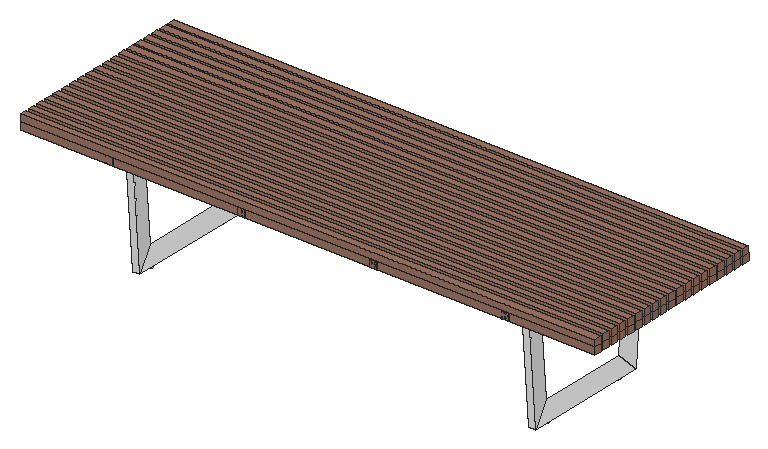
Revit family
Parameters (values of type "72"")
  Width = 6' - 0"
  URL = "http://elanbydecca.com/"
  Seat [instance] = Furniture - DECCA (Elan) - Museum - Bench Seat
  Base [instance] = Furniture - DECCA (Elan) - Museum - Base
  Product URL = "http://elanbydecca.com/PDFs/elan_tearsheet-museum.pdf"
  Model = "DG BE7224"
  Manufacturer = "Decca Contract"
  Height = 1' - 4"  # constant formula
  Description = "Museum, Bench"
  Depth = 2' - 0"  # constant formula
  Assembly Description = "Furniture & Accessories"
  Assembly Code = "E2020200"
Types (4): name | Width | Model
  (no name) | 6' - 0" | "DG BE7224"
  84" | 7' - 0" | "DG BE8424"
  72" | 6' - 0" | "DG BE7224"
  96" | 8' - 0" | "DG BE9624"
Reference planes (in)
  plane 1 "Center Front/Back": y = -0.7524
  plane 2: z = 0
  plane 3 "Center Left/Right": x = 0
  plane 4 "L": x = -36
  plane 5 "R": x = 36
  plane 6 "F": y = -12.7524
  plane 7: y = 11.2476
  plane 8: through (-6.25338, 2.33237, 23.38953) normal (0.4297, -0.4297, 0.7941)
  plane 9: z = 16
  plane 10: z = 15.125
  plane 11: z = 14.25
  plane 12: z = 0.25
  plane 13: y = 10.39045
  plane 14: y = 9.96183
  plane 15: y = 9.10474
  plane 16: y = 8.67612
  plane 17: y = 7.81903
  plane 18: y = 7.39041
  plane 19: y = 6.53332
  plane 20: y = 6.1047
  plane 21: y = 5.24761
  plane 22: y = 4.81899
  plane 23: y = 3.9619
  plane 24: y = 3.53328
  plane 25: y = 2.67619
  plane 26: y = 2.24757
  plane 27: y = 1.39048
  plane 28: y = 0.96186
  plane 29: y = 0.10477
  plane 30: y = -0.32385
  plane 31: y = -1.18094
  plane 32: y = -1.60957
  plane 33: y = -2.46666
  plane 34: y = -2.89528
  plane 35: y = -3.75237
  plane 36: y = -4.18099
  plane 37: y = -5.03808
  plane 38: y = -5.4667
  plane 39: y = -6.32379
  plane 40: y = -6.75241
  plane 41: y = -7.6095
  plane 42: y = -8.03812
  plane 43: y = -8.89521
  plane 44: y = -9.32383
  plane 45: y = -10.18092
  plane 46: y = -10.60954
  plane 47: y = -11.46663
  plane 48: y = -11.89525
  plane 49: x = -25.25
  plane 50: x = 25.25
  plane 51 "LL": x = -24.8125
  plane 52: x = -24.375
  plane 53 "RL": x = 24.8125
  plane 54: x = 24.375
  plane 55: x = -8.70833
  plane 56: x = -8.27083
  plane 57: x = -7.83333
  plane 58: x = 8.70833
  plane 59: x = 8.27083
  plane 60: x = 7.83333
  plane 61: z = 2.5
  plane 62: z = 14
Forms (in)
  Extrusion 1, solid, material "Furniture - DECCA (Elan) - Museum - Bench Seat" <- "Seat"
    sketch origin (0, 0, 8.32075) x (0, -1, 0) y (1, 0, 0)
      loop
        line (-11.2476, -36) -> (-10.39045, -36) -> (-10.39045, 36) -> (-11.2476, 36) -> (-11.2476, -36)
      loop
        line (12.7524, -36) -> (12.7524, 36) -> (11.89525, 36) -> (11.89525, -36) -> (12.7524, -36)
      loop
        line (-9.96183, -36) -> (-9.10474, -36) -> (-9.10474, 36) -> (-9.96183, 36) -> (-9.96183, -36)
      loop
        line (-8.67612, -36) -> (-7.81903, -36) -> (-7.81903, 36) -> (-8.67612, 36) -> (-8.67612, -36)
      loop
        line (-7.39041, -36) -> (-6.53332, -36) -> (-6.53332, 36) -> (-7.39041, 36) -> (-7.39041, -36)
      loop
        line (-6.1047, -36) -> (-5.24761, -36) -> (-5.24761, 36) -> (-6.1047, 36) -> (-6.1047, -36)
      loop
        line (-4.81899, -36) -> (-3.9619, -36) -> (-3.9619, 36) -> (-4.81899, 36) -> (-4.81899, -36)
      loop
        line (-3.53328, -36) -> (-2.67619, -36) -> (-2.67619, 36) -> (-3.53328, 36) -> (-3.53328, -36)
      loop
        line (-2.24757, -36) -> (-1.39048, -36) -> (-1.39048, 36) -> (-2.24757, 36) -> (-2.24757, -36)
      loop
        line (-0.96186, -36) -> (-0.10477, -36) -> (-0.10477, 36) -> (-0.96186, 36) -> (-0.96186, -36)
      loop
        line (0.32385, -36) -> (1.18094, -36) -> (1.18094, 36) -> (0.32385, 36) -> (0.32385, -36)
      loop
        line (1.60957, -36) -> (2.46666, -36) -> (2.46666, 36) -> (1.60957, 36) -> (1.60957, -36)
      loop
        line (2.89528, -36) -> (3.75237, -36) -> (3.75237, 36) -> (2.89528, 36) -> (2.89528, -36)
      loop
        line (4.18099, -36) -> (5.03808, -36) -> (5.03808, 36) -> (4.18099, 36) -> (4.18099, -36)
      loop
        line (5.4667, -36) -> (6.32379, -36) -> (6.32379, 36) -> (5.4667, 36) -> (5.4667, -36)
      loop
        line (6.75241, -36) -> (7.6095, -36) -> (7.6095, 36) -> (6.75241, 36) -> (6.75241, -36)
      loop
        line (8.03812, -36) -> (8.89521, -36) -> (8.89521, 36) -> (8.03812, 36) -> (8.03812, -36)
      loop
        line (9.32383, -36) -> (10.18092, -36) -> (10.18092, 36) -> (9.32383, 36) -> (9.32383, -36)
      loop
        line (10.60954, -36) -> (11.46663, -36) -> (11.46663, 36) -> (10.60954, 36) -> (10.60954, -36)
    from 6.80426 to 7.67925
  Extrusion 2, solid, material "Furniture - DECCA (Elan) - Museum - Bench Seat" <- "Seat"
    sketch origin (0, 0, 7.44575) x (0, -1, 0) y (1, 0, 0)
      loop
        line (-11.2476, -36) -> (-10.39045, -36) -> (-10.39045, 36) -> (-11.2476, 36) -> (-11.2476, -36)
      loop
        line (12.7524, -36) -> (12.7524, 36) -> (11.89525, 36) -> (11.89525, -36) -> (12.7524, -36)
      loop
        line (-9.96183, -36) -> (-9.10474, -36) -> (-9.10474, 36) -> (-9.96183, 36) -> (-9.96183, -36)
      loop
        line (-8.67612, -36) -> (-7.81903, -36) -> (-7.81903, 36) -> (-8.67612, 36) -> (-8.67612, -36)
      loop
        line (-7.39041, -36) -> (-6.53332, -36) -> (-6.53332, 36) -> (-7.39041, 36) -> (-7.39041, -36)
      loop
        line (-6.1047, -36) -> (-5.24761, -36) -> (-5.24761, 36) -> (-6.1047, 36) -> (-6.1047, -36)
      loop
        line (-4.81899, -36) -> (-3.9619, -36) -> (-3.9619, 36) -> (-4.81899, 36) -> (-4.81899, -36)
      loop
        line (-3.53328, -36) -> (-2.67619, -36) -> (-2.67619, 36) -> (-3.53328, 36) -> (-3.53328, -36)
      loop
        line (-2.24757, -36) -> (-1.39048, -36) -> (-1.39048, 36) -> (-2.24757, 36) -> (-2.24757, -36)
      loop
        line (-0.96186, -36) -> (-0.10477, -36) -> (-0.10477, 36) -> (-0.96186, 36) -> (-0.96186, -36)
      loop
        line (0.32385, -36) -> (1.18094, -36) -> (1.18094, 36) -> (0.32385, 36) -> (0.32385, -36)
      loop
        line (1.60957, -36) -> (2.46666, -36) -> (2.46666, 36) -> (1.60957, 36) -> (1.60957, -36)
      loop
        line (2.89528, -36) -> (3.75237, -36) -> (3.75237, 36) -> (2.89528, 36) -> (2.89528, -36)
      loop
        line (4.18099, -36) -> (5.03808, -36) -> (5.03808, 36) -> (4.18099, 36) -> (4.18099, -36)
      loop
        line (5.4667, -36) -> (6.32379, -36) -> (6.32379, 36) -> (5.4667, 36) -> (5.4667, -36)
      loop
        line (6.75241, -36) -> (7.6095, -36) -> (7.6095, 36) -> (6.75241, 36) -> (6.75241, -36)
      loop
        line (8.03812, -36) -> (8.89521, -36) -> (8.89521, 36) -> (8.03812, 36) -> (8.03812, -36)
      loop
        line (9.32383, -36) -> (10.18092, -36) -> (10.18092, 36) -> (9.32383, 36) -> (9.32383, -36)
      loop
        line (10.60954, -36) -> (11.46663, -36) -> (11.46663, 36) -> (10.60954, 36) -> (10.60954, -36)
    from 6.80425 to 7.67925
  Sweep 3, solid, material "Furniture - DECCA (Elan) - Museum - Base" <- "Base"
    path origin (-24.8125, 0, 0) x (0, 1, 0) y (0, 0, 1)
      loop
        line (5.98898, 14.25) -> (4.96099, 2.5) -> (-6.46579, 2.5) -> (-7.49378, 14.25)
    profile origin (-24.8125, -0.7524, 2.5) x (0, 0, -1) y (1, 0, 0)
      loop
        line (2.25, -0.4375) -> (2.25, 0.4375) -> (0, 0) -> (2.25, -0.4375)
  Sweep 4, solid, material "Furniture - DECCA (Elan) - Museum - Base" <- "Base"
    path origin (24.8125, 16.30011, 48) x (0, 1, 0) y (0, 0, 1)
      loop
        line (-10.31113, -33.75) -> (-11.33912, -45.5) -> (-22.7659, -45.5) -> (-23.79389, -33.75)
    profile origin (24.8125, -0.7524, 2.5) x (0, 0, 1) y (-1, 0, 0)
      loop
        line (-2.25, -0.4375) -> (0, 0) -> (-2.25, 0.4375) -> (-2.25, -0.4375)
  Extrusion 5, solid, material "Furniture - DECCA (Elan) - Museum - Bench Seat" <- "Seat"
    sketch origin (0, 0, 8.32075) x (0, -1, 0) y (1, 0, 0)
      loop
        line (-11.2476, -25.25) -> (12.7524, -25.25) -> (12.7524, -24.375) -> (-11.2476, -24.375) -> (-11.2476, -25.25)
      loop
        line (-11.2476, 25.25) -> (-11.2476, 24.375) -> (12.7524, 24.375) -> (12.7524, 25.25) -> (-11.2476, 25.25)
      loop
        line (-11.2476, -8.70833) -> (12.7524, -8.70833) -> (12.7524, -7.83333) -> (-11.2476, -7.83333) -> (-11.2476, -8.70833)
      loop
        line (-11.2476, 7.83333) -> (12.7524, 7.83333) -> (12.7524, 8.70833) -> (-11.2476, 8.70833) -> (-11.2476, 7.83333)
    from 5.92926 to 6.80426
  Extrusion 6, solid, material "Furniture - DECCA (Elan) - Museum - Base" <- "Base"
    sketch origin (-24.8125, 0, 0) x (0, 1, 0) y (0, 0, 1)
      loop
        line (8.24758, 14.25) -> (-9.75238, 14.25) -> (-9.7305, 14) -> (8.2257, 14) -> (8.24758, 14.25)
    from 49.1875 to 50.0625
  Extrusion 7, solid, material "Furniture - DECCA (Elan) - Museum - Base" <- "Base"
    sketch origin (-92.4375, 0, 0) x (0, 1, 0) y (0, 0, 1)
      loop
        line (8.24758, 14.25) -> (-9.75238, 14.25) -> (-9.7305, 14) -> (8.2257, 14) -> (8.24758, 14.25)
    from 67.1875 to 68.0625
  Extrusion 8, solid, material "Furniture - DECCA (Elan) - Museum - Base" <- "Base"
    sketch origin (0, 0, 8.32075) x (0, -1, 0) y (1, 0, 0)
      loop
        circle (-4.81899, -24.8125) r 0.25
      loop
        circle (6.32379, -24.8125) r 0.25
      loop
        circle (-4.81899, 24.8125) r 0.25
      loop
        circle (6.32379, 24.8125) r 0.25
    from -8.32075 to -8.07075
Cuts and joins
  joined: Sweep 3, Sweep 4, Extrusion 6, Extrusion 7, Extrusion 8
Lines and regions (in)
  reference lines
    curve 1: line (0, 8.24758, 14.25) -> (0, 7.02274, 0.25)
    curve 2: line (0, 6.00614, 14.4461) -> (0, 4.96099, 2.5)
    curve 3: line (0, -9.75238, 14.25) -> (0, -8.52753, 0.25)
    curve 4: line (0, -7.51094, 14.4461) -> (0, -6.46579, 2.5)
Dimensions and locks (in)
  equal spacing: plane 4 "L", plane 3 "Center Left/Right", plane 5 "R"
  equal spacing: plane 7, plane 1 "Center Front/Back", plane 6 "F"
  "Width": plane 4 "L" to plane 5 "R"
  "Depth": plane 7 to plane 6 "F"
  "Height": plane 9 to level
  locked: plane 9 to plane 10 at 0.875
  locked: plane 10 to plane 11 at 0.875
  locked: plane 12 to level at 0.25
  locked: plane 4 "L" to plane 49 at 10.75
  locked: plane 50 to plane 5 "R" at 10.75
  plane 49 to plane 51 "LL" to plane 52 = 0' - 0 7/16" locked, 0' - 0 7/16" locked
  plane 54 to plane 53 "RL" to plane 50 = 0' - 0 7/16" locked, 0' - 0 7/16" locked
  plane 55 to plane 56 to plane 57 = 0' - 0 7/16" locked, 0' - 0 7/16" locked
  plane 58 to plane 59 to plane 60 = 0' - 0 7/16" locked, 0' - 0 7/16" locked
  equal spacing: plane 51 "LL", plane 56, plane 59, plane 53 "RL"
  locked: plane 11 to plane 62 at 0.25
  locked: Extrusion 6 to plane 54 at 0
  locked: plane 49 to Extrusion 7 at 0
  aligned and locked: plane 4 "L" to Extrusion 1 sketch curve
  aligned and locked: plane 7 to Extrusion 1 sketch curve
  aligned and locked: plane 6 "F" to Extrusion 1 sketch curve
  aligned and locked: Extrusion 1 sketch curve to plane 5 "R"
  aligned and locked: plane 9 to Extrusion 1
  aligned and locked: Extrusion 1 to plane 10
  aligned and locked: plane 10 to Extrusion 2
  aligned and locked: plane 61 to curve 2
  aligned and locked: plane 61 to curve 4
  aligned and locked: curve 2 to Sweep 3 sketch curve
  aligned and locked: plane 61 to Sweep 3 sketch curve
  aligned and locked: curve 4 to Sweep 3 sketch curve
  aligned and locked: plane 7 to Extrusion 5 sketch curve
  aligned and locked: plane 6 "F" to Extrusion 5 sketch curve
  aligned and locked: plane 49 to Extrusion 5 sketch curve
  aligned and locked: Extrusion 5 sketch curve to plane 50
  aligned and locked: Extrusion 5 to plane 11
  aligned and locked: Extrusion 6 sketch curve to curve 1
  aligned and locked: plane 62 to Extrusion 6 sketch curve
  aligned and locked: plane 11 to Extrusion 6 sketch curve
  aligned and locked: Extrusion 6 sketch curve to curve 3
  aligned and locked: Extrusion 6 to plane 50
  aligned and locked: Extrusion 7 to plane 52
  aligned and locked: Extrusion 8 to level
Automatic sketch dimensions
  curve 3 to plane 11 = 0' - 0"
  curve 3 to plane 12 = 0' - 0"
  curve 1 to plane 12 = 0' - 0"
  curve 1 to plane 11 = 0' - 0"
  curve 3 to plane 44 = 0' - 0.42855"
  plane 43 to curve 3 = 0' - 0.36768"
  plane 41 to curve 4 = 0' - 0.09856"
  curve 4 to plane 39 = 0' - 0.142"
  plane 22 to curve 2 = 0' - 0.142"
  curve 2 to plane 20 = 0' - 0.09856"
  curve 1 to plane 18 = 0' - 0.36768"
  curve 1 to plane 16 = 0' - 0.42855"
  plane 11 to curve 4 = 0' - 0.1961"
  plane 11 to curve 2 = 0' - 0.1961"
  Extrusion 1 sketch curve to plane 13 = 0' - 0"
  Extrusion 1 sketch curve to plane 5 "R" = 0' - 0"  (x18)
  Extrusion 1 sketch curve to plane 14 = 0' - 0"
  Extrusion 1 sketch curve to plane 15 = 0' - 0"
  Extrusion 1 sketch curve to plane 4 "L" = 0' - 0"  (x18)
  Extrusion 1 sketch curve to plane 16 = 0' - 0"
  Extrusion 1 sketch curve to plane 17 = 0' - 0"
  Extrusion 1 sketch curve to plane 18 = 0' - 0"
  Extrusion 1 sketch curve to plane 19 = 0' - 0"
  Extrusion 1 sketch curve to plane 20 = 0' - 0"
  Extrusion 1 sketch curve to plane 21 = 0' - 0"
  Extrusion 1 sketch curve to plane 22 = 0' - 0"
  Extrusion 1 sketch curve to plane 23 = 0' - 0"
  Extrusion 1 sketch curve to plane 24 = 0' - 0"
  Extrusion 1 sketch curve to plane 25 = 0' - 0"
  Extrusion 1 sketch curve to plane 26 = 0' - 0"
  Extrusion 1 sketch curve to plane 27 = 0' - 0"
  Extrusion 1 sketch curve to plane 28 = 0' - 0"
  Extrusion 1 sketch curve to plane 29 = 0' - 0"
  Extrusion 1 sketch curve to plane 30 = 0' - 0"
  Extrusion 1 sketch curve to plane 31 = 0' - 0"
  Extrusion 1 sketch curve to plane 32 = 0' - 0"
  Extrusion 1 sketch curve to plane 33 = 0' - 0"
  Extrusion 1 sketch curve to plane 34 = 0' - 0"
  Extrusion 1 sketch curve to plane 35 = 0' - 0"
  Extrusion 1 sketch curve to plane 36 = 0' - 0"
  Extrusion 1 sketch curve to plane 37 = 0' - 0"
  Extrusion 1 sketch curve to plane 38 = 0' - 0"
  Extrusion 1 sketch curve to plane 39 = 0' - 0"
  Extrusion 1 sketch curve to plane 40 = 0' - 0"
  Extrusion 1 sketch curve to plane 41 = 0' - 0"
  Extrusion 1 sketch curve to plane 42 = 0' - 0"
  Extrusion 1 sketch curve to plane 43 = 0' - 0"
  Extrusion 1 sketch curve to plane 44 = 0' - 0"
  Extrusion 1 sketch curve to plane 45 = 0' - 0"
  Extrusion 1 sketch curve to plane 46 = 0' - 0"
  Extrusion 1 sketch curve to plane 47 = 0' - 0"
  Extrusion 1 sketch curve to plane 48 = 0' - 0"
  Extrusion 2 sketch curve to plane 5 "R" = 0' - 0"  (x19)
  Extrusion 2 sketch curve to plane 7 = 0' - 0"
  Extrusion 2 sketch curve to plane 13 = 0' - 0"
  Extrusion 2 sketch curve to plane 14 = 0' - 0"
  Extrusion 2 sketch curve to plane 15 = 0' - 0"
  Extrusion 2 sketch curve to plane 4 "L" = 0' - 0"  (x19)
  Extrusion 2 sketch curve to plane 16 = 0' - 0"
  Extrusion 2 sketch curve to plane 17 = 0' - 0"
  Extrusion 2 sketch curve to plane 18 = 0' - 0"
  Extrusion 2 sketch curve to plane 19 = 0' - 0"
  Extrusion 2 sketch curve to plane 20 = 0' - 0"
  Extrusion 2 sketch curve to plane 21 = 0' - 0"
  Extrusion 2 sketch curve to plane 22 = 0' - 0"
  Extrusion 2 sketch curve to plane 23 = 0' - 0"
  Extrusion 2 sketch curve to plane 24 = 0' - 0"
  Extrusion 2 sketch curve to plane 25 = 0' - 0"
  Extrusion 2 sketch curve to plane 26 = 0' - 0"
  Extrusion 2 sketch curve to plane 27 = 0' - 0"
  Extrusion 2 sketch curve to plane 28 = 0' - 0"
  Extrusion 2 sketch curve to plane 29 = 0' - 0"
  Extrusion 2 sketch curve to plane 30 = 0' - 0"
  Extrusion 2 sketch curve to plane 31 = 0' - 0"
  Extrusion 2 sketch curve to plane 32 = 0' - 0"
  Extrusion 2 sketch curve to plane 33 = 0' - 0"
  Extrusion 2 sketch curve to plane 34 = 0' - 0"
  Extrusion 2 sketch curve to plane 35 = 0' - 0"
  Extrusion 2 sketch curve to plane 36 = 0' - 0"
  Extrusion 2 sketch curve to plane 37 = 0' - 0"
  Extrusion 2 sketch curve to plane 38 = 0' - 0"
  Extrusion 2 sketch curve to plane 39 = 0' - 0"
  Extrusion 2 sketch curve to plane 40 = 0' - 0"
  Extrusion 2 sketch curve to plane 41 = 0' - 0"
  Extrusion 2 sketch curve to plane 42 = 0' - 0"
  Extrusion 2 sketch curve to plane 43 = 0' - 0"
  Extrusion 2 sketch curve to plane 44 = 0' - 0"
  Extrusion 2 sketch curve to plane 45 = 0' - 0"
  Extrusion 2 sketch curve to plane 46 = 0' - 0"
  Extrusion 2 sketch curve to plane 47 = 0' - 0"
  Extrusion 2 sketch curve to plane 48 = 0' - 0"
  Extrusion 2 sketch curve to plane 6 "F" = 0' - 0"
  Sweep 3 sketch curve to plane 11 = 0' - 0"  (x2)
  Sweep 3 sketch curve to plane 51 "LL" = 0' - 0"
  Sweep 3 sketch curve to profile plane = 0' - 0"
  plane 51 "LL" to Sweep 3 sketch curve = 0' - 0 7/16"
  Sweep 3 sketch curve to profile plane = 0' - 2 1/4"
  Sweep 3 sketch curve to plane 51 "LL" = 0' - 0 7/16"
  Sweep 4 sketch curve to plane 11 = 0' - 0"  (x2)
  Sweep 4 sketch curve to plane 61 = 0' - 0"
  Sweep 4 sketch curve to plane 41 = 0' - 0.11572"
  plane 39 to Sweep 4 sketch curve = 0' - 0.142"
  Sweep 4 sketch curve to plane 22 = 0' - 0.142"
  plane 20 to Sweep 4 sketch curve = 0' - 0.11572"
  plane 53 "RL" to Sweep 4 sketch curve = 0' - 0"
  Sweep 4 sketch curve to profile plane = 0' - 0"
  Sweep 4 sketch curve to plane 53 "RL" = 0' - 0 7/16"
  profile plane to Sweep 4 sketch curve = 0' - 2 1/4"
  plane 53 "RL" to Sweep 4 sketch curve = 0' - 0 7/16"
  Extrusion 5 sketch curve to plane 7 = 0' - 0"  (x3)
  Extrusion 5 sketch curve to plane 6 "F" = 0' - 0"  (x3)
  Extrusion 5 sketch curve to plane 52 = 0' - 0"
  Extrusion 5 sketch curve to plane 55 = 0' - 0"
  Extrusion 5 sketch curve to plane 57 = 0' - 0"
  Extrusion 5 sketch curve to plane 60 = 0' - 0"
  Extrusion 5 sketch curve to plane 58 = 0' - 0"
  Extrusion 5 sketch curve to plane 54 = 0' - 0"
  Extrusion 7 sketch curve to plane 11 = 0' - 0"
  Extrusion 7 sketch curve to plane 62 = 0' - 0"
  Extrusion 7 sketch curve to plane 44 = 0' - 0.42855"
  Extrusion 7 sketch curve to Extrusion 7 sketch curve = 0' - 0.02187"  (x2)
  plane 17 to Extrusion 7 sketch curve = 0' - 0.40667"
  Extrusion 8 sketch curve to plane 22 = 0' - 0"  (x2)
  Extrusion 8 sketch curve to plane 39 = 0' - 0"  (x2)
  Extrusion 8 sketch curve to plane 51 "LL" = 0' - 0"  (x2)
  Extrusion 8 sketch curve to plane 53 "RL" = 0' - 0"  (x2)
  radius of Extrusion 8 sketch curve = 0' - 0 1/4"  (x4)
